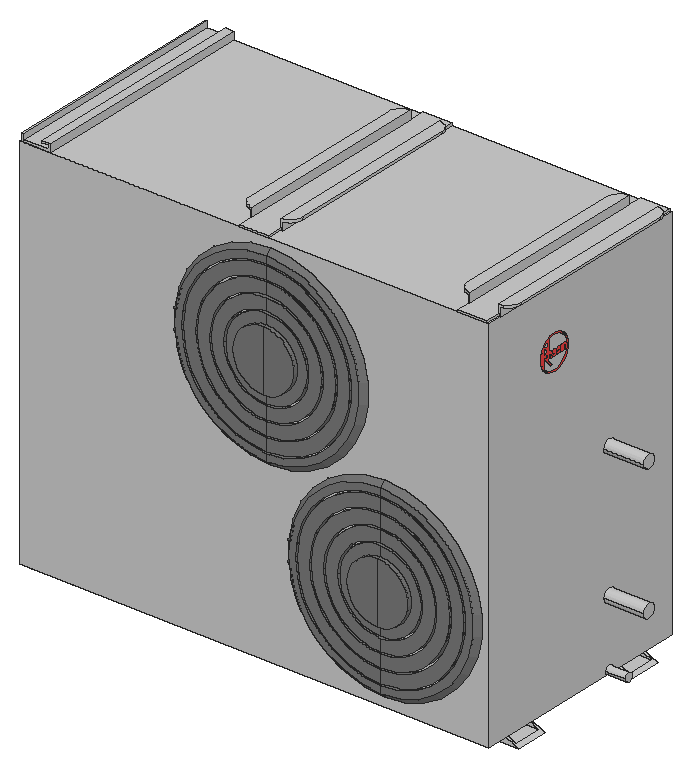
Revit family "Heat-Pump-Rheem-A2W-18kW-Horizontal", category Mechanical Equipment, Revit 2023
Family settings
  Round Connector Dimension = Use Radius
  Part Type = Normal
  OmniClass Number = 23.75.10.21
  OmniClass Title = Heat Pumps
  Work Plane-Based = No
  Always vertical = Yes
  Cut with Voids When Loaded = No
  Maintain Annotation Orientation = No
  Shared = No
  Room Calculation Point = No
Parameters (values of type "953018HS")
  calcTopSupport = if(Show Top Supports, 26 mm, 0 mm)  # 26 mm
  calcRightFanOffset = if(Show Fan Frame, 256 mm, 255 mm)  # 255 mm
  calcLeftFanOffset = if(Show Fan Frame, 280 mm, 281 mm)  # 281 mm
  calcFanGuardDepth = if(Show Fan Frame, 116 mm, 23 mm)  # 23 mm
  Width_ANZRS = if(Show Fan Frame, 681 mm, 588 mm)  # 588 mm
  Wattage_ANZRS = 18 kW  # constant formula
  Voltage_ANZRS = 230 V
  URL = "https://www.rheem.com.au/products/commercial/commercial-heat-pumps"
  Type Comments = ""
  SupportInsetSide = 68 mm  # constant formula
  Show Top Supports = yes
  Show Fan Frame = no
  ProductCode_ANZRS = "953018HS"
  PowerFactor_ANZRS = 1
  PipeInsetSide = 195 mm  # constant formula
  OutletPipeDiameter = 32 mm  # constant formula
  calcOutletPipeRad = if(1 = 1, OutletPipeDiameter / 2, 0 mm)  # 16 mm
  Model = "Rheem Commercial Air to Water Heat Pump – 18kW Non Ducted & Stacked"
  Material_ANZRS = Rheem-Steel-Grey
  Manufacturer = "Rheem"  # constant formula
  Length_ANZRS = 1155 mm  # constant formula
  InletPipeDiameter = 32 mm  # constant formula
  calcInletPipeRadius = if(1 = 1, InletPipeDiameter / 2, 0 mm)  # 16 mm
  Height_ANZRS = if(Show Top Supports, 1010 mm, 984 mm)  # 1010 mm
  Description = "Rheem's Commercial Air to Water (A2W) Heat Pump is designed with the commercial user in mind. A truly commercial grade heat pump that delivers hot water at 65°C with a system Coefficient of Performance (COP) up to 4.0. Non ducted models are generally designed for outdoor installations. Non ducted models may be installed indoors, without ducting, if a sufficient supply of heat energy is available. Stackable models allow horizontal discharge units to be stacked two high for reduced footprint."
  Default Elevation = 0 mm
  CreatedBy_ANZRS = "Design Content"  # constant formula
  CreatedByURL_ANZRS = "https://www.designcontent.com.au/"
  BodyWidth = 565 mm  # constant formula
  Assembly Code = ""
  ApparentLoad_ANZRS = Wattage_ANZRS  # 18 kW
Types (4, lengths in mm): name | calcTopSupport | calcRightFanOffset | calcLeftFanOffset | calcFanGuardDepth | Width_ANZRS | Show Top Supports | Show Fan Frame | ProductCode_ANZRS | Model | Height_ANZRS | Description
  953018H0 | 0 | 255 | 281 | 23 | 588 | no | no | "953018H0" | "Rheem Commercial Air to Water Heat Pump – 18kW Horizontal Discharge & Non Ducted" | 984 | "Rheem's Commercial Air to Water (A2W) Heat Pump is designed with the commercial user in mind. A truly commercial grade heat pump that delivers hot water at 65°C with a system Coefficient of Performance (COP) up to 4.0. Non ducted models are generally designed for outdoor installations. Non ducted models may be installed indoors, without ducting, if a sufficient supply of heat energy is available."
  953018HS | 26 | 255 | 281 | 23 | 588 | yes | no | "953018HS" | "Rheem Commercial Air to Water Heat Pump – 18kW Non Ducted & Stacked" | 1010 | "Rheem's Commercial Air to Water (A2W) Heat Pump is designed with the commercial user in mind. A truly commercial grade heat pump that delivers hot water at 65°C with a system Coefficient of Performance (COP) up to 4.0. Non ducted models are generally designed for outdoor installations. Non ducted models may be installed indoors, without ducting, if a sufficient supply of heat energy is available. Stackable models allow horizontal discharge units to be stacked two high for reduced footprint."
  952018H0 | 0 | 256 | 280 | 116 | 681 | no | yes | "952018H0" | "Rheem Commercial Air to Water Heat Pump – 18kW Horizontal Discharge & Ducted" | 984 | "Rheem's Commercial Air to Water (A2W) Heat Pump is designed with the commercial user in mind. A truly commercial grade heat pump that delivers hot water at 65°C with a system Coefficient of Performance (COP) up to 4.0. Ducted models are designed to be connected to ducting to convey cold discharge air away from the heat pump air inlet if a sufficient supply of heat energy is not available in the installation area."
  952018HS | 26 | 256 | 280 | 116 | 681 | yes | yes | "952018HS" | "Rheem Commercial Air to Water Heat Pump – 18kW Ducted & Stacked" | 1010 | "Rheem's Commercial Air to Water (A2W) Heat Pump is designed with the commercial user in mind. A truly commercial grade heat pump that delivers hot water at 65°C with a system Coefficient of Performance (COP) up to 4.0. Ducted models are designed to be connected to ducting to convey cold discharge air away from the heat pump air inlet if a sufficient supply of heat energy is not available in the installation area. Stackable models allow horizontal discharge units to be stacked two high for reduced footprint."
Reference planes
  plane 1 "Center (Front/Back)": y = 0
  plane 2: z = 0
  plane 3 "Center (Left/Right)": x = 0
  plane 4 "Back": y = 282.5
  plane 5 "Front": y = -282.5
  plane 6 "Left": x = -577.5
  plane 7 "Right": x = 577.5
  plane 8: z = 49
  plane 9 "HEIGHT": z = 984
  plane 10 "Inlet": z = 223.5
  plane 11 "Outlet": z = 553.5
  plane 12: y = 280.5
  plane 13: x = 524.5
  plane 14: x = -472.5
  plane 15: y = -352.5
  plane 16: x = 677.5
  plane 17 "Pipe Connectors": y = 87.5
  plane 18: x = -228.5
  plane 19: y = -214.5
  plane 20: y = 214.5
  plane 21 "CompAccess1": y = 143.5
  plane 22 "CompAccess2": y = -228.5
  plane 23: x = 322.5
  plane 24: x = 41.5
  plane 25: z = 24.5
  plane 26: x = 627.5
  plane 27: z = 1010
  plane 28: x = 598.5
Forms (mm)
  Extrusion 1, solid, material "Rheem-Steel-Grey" <- "Material_ANZRS", detail levels medium+fine
    sketch origin (0, 0, 0) x (1, 0, 0) y (0, 1, 0)
      loop
        line (-577.5, 280.5) -> (-577.5, -282.5) -> (577.5, -282.5) -> (577.5, 280.5) -> (-577.5, 280.5)
    from 49 to 984
  Extrusion 2, solid, material "Rheem-Steel-Grey" <- "Material_ANZRS", detail levels medium+fine
    sketch origin (0, 0, 0) x (1, 0, 0) y (0, 0, 1)
      loop
        line (-577.5, 984) -> (-577.5, 49) -> (-14.281, 49) -> (577.5, 49) -> (577.5, 984) -> (-577.5, 984)
      loop
        line (-472.5, 69) -> (6, 69) -> (6, 964) -> (-472.5, 964) -> (-472.5, 69)
      loop
        line (524.5, 964) -> (46, 964) -> (46, 69) -> (524.5, 69) -> (524.5, 964)
    from -282.5 to -280.5
  Extrusion 3, solid, material "Rheem-Steel-Grey" <- "Material_ANZRS"
    sketch origin (0, 111.908, 381.979) x (0, -1, 0) y (0, 0, 1)
      loop
        circle (24.408, -158.479) r 16
      loop
        circle (24.408, 171.521) r 16
    from -577.5 to -677.5
  Extrusion 4, solid, material "Rheem-Steel-Grey" <- "Material_ANZRS", visible <- "Show Fan Frame"
    sketch origin (0, -282.5, 0) x (-1, 0, 0) y (0, 0, -1)
      loop
        line (228.5, -984) -> (228.5, -49) -> (-577.5, -49) -> (-577.5, -984) -> (228.5, -984)
      loop
        line (223.5, -979) -> (223.5, -54) -> (-572.5, -54) -> (-572.5, -979) -> (223.5, -979)
    from 0 to 70
  Extrusion 5, solid, material "Rheem-Steel-Grey" <- "Material_ANZRS", detail levels medium+fine
    sketch origin (0, 0, 0) x (1, 0, 0) y (0, 0, 1)
      loop
        line (-577.5, 5) -> (-602.5, 5) -> (-602.5, 0) -> (-572.5, 0) -> (-572.5, 19.5) -> (-502.5, 19.5) -> (-502.5, 0) -> (-472.5, 0) -> (-472.5, 5) -> (-497.5, 5) -> (-497.5, 24.5) -> (-577.5, 24.5) -> (-577.5, 5)
    from -214.5 to 214.5
  Extrusion 6, solid, material "Rheem-Steel-Grey-Perforated", detail levels medium+fine
    sketch origin (-575, 357.5, 0) x (1, 0, 0) y (0, 0, -1)
      loop
        line (1099.5, -964) -> (1099.5, -69) -> (621, -69) -> (621, -964) -> (1099.5, -964)
      loop
        line (102.5, -69) -> (102.5, -964) -> (581, -964) -> (581, -69) -> (102.5, -69)
    from -77 to -75
  Extrusion 7, solid, material "Rheem-Steel-Grey" <- "Material_ANZRS"
    sketch origin (577.5, 0, 0) x (0, -1, 0) y (0, 0, -1)
      loop
        circle (-87.5, -59) r 10
    from 0 to 50
  Extrusion 8, solid, detail levels medium+fine
    sketch origin (-577.5, 0, 0) x (0, -1, 0) y (0, 0, 1)
      loop
        circle (255.5, 703.5) r 15
      loop
        circle (255.5, 653.5) r 15
      loop
        circle (255.5, 603.5) r 15
      loop
        circle (255.5, 553.5) r 15
    from 0 to 5
  Extrusion 9, solid, material "Rheem-Steel-Grey" <- "Material_ANZRS", visible <- "Show Top Supports", detail levels medium+fine
    sketch origin (575, 0, 960) x (0, 0, -1) y (1, 0, 0)
      loop
        line (-44.975, 2.5) -> (-44.975, 27.5) -> (-49.975, 27.5) -> (-49.975, -2.5) -> (-29, -2.5) -> (-29, -72.5) -> (-49.975, -72.5) -> (-49.975, -102.5) -> (-44.975, -102.5) -> (-44.975, -77.5) -> (-24, -77.5) -> (-24, 2.5) -> (-44.975, 2.5)
      loop
        line (-50, -540) -> (-29, -540) -> (-29, -610) -> (-50, -610) -> (-50, -640) -> (-45, -640) -> (-45, -615) -> (-24, -615) -> (-24, -535) -> (-45, -535) -> (-45, -510) -> (-50, -510) -> (-50, -540)
      loop
        line (-24, -1077.5) -> (-43, -1077.5) -> (-43, -1097.5) -> (-38, -1097.5) -> (-38, -1082.5) -> (-29, -1082.5) -> (-29, -1142.5) -> (-43, -1142.5) -> (-43, -1147.5) -> (-24, -1147.5) -> (-24, -1077.5)
    from -282.5 to 282.5
  Extrusion 10, void
    sketch origin (0, 0, 984) x (-1, 0, 0) y (0, -1, 0)
      loop
        line (65, -282.5) -> (65, -214.5)
        arc (65, -214.5) -> (56.213, -235.713) -> (35, -244.5) r 30
        line (35, -244.5) -> (35, -282.5) -> (65, -282.5)
      loop
        line (-65, -282.5) -> (-35, -282.5) -> (-35, -244.5)
        arc (-35, -244.5) -> (-56.213, -235.713) -> (-65, -214.5) r 30
        line (-65, -214.5) -> (-65, -282.5)
      loop
        line (-472.5, -282.5) -> (-472.5, -214.5)
        arc (-472.5, -214.5) -> (-481.287, -235.713) -> (-502.5, -244.5) r 30
        line (-502.5, -244.5) -> (-502.5, -282.5) -> (-472.5, -282.5)
      loop
        line (-602.5, -282.5) -> (-572.5, -282.5) -> (-572.5, -244.5)
        arc (-572.5, -244.5) -> (-593.713, -235.713) -> (-602.5, -214.5) r 30
        line (-602.5, -214.5) -> (-602.5, -282.5)
      loop
        line (65, 282.5) -> (35, 282.5) -> (35, 244.5)
        arc (35, 244.5) -> (56.213, 235.713) -> (65, 214.5) r 30
        line (65, 214.5) -> (65, 282.5)
      loop
        line (-65, 282.5) -> (-65, 214.5)
        arc (-65, 214.5) -> (-56.213, 235.713) -> (-35, 244.5) r 30
        line (-35, 244.5) -> (-35, 282.5) -> (-65, 282.5)
      loop
        line (-472.5, 282.5) -> (-502.5, 282.5) -> (-502.5, 244.5)
        arc (-502.5, 244.5) -> (-481.287, 235.713) -> (-472.5, 214.5) r 30
        line (-472.5, 214.5) -> (-472.5, 282.5)
      loop
        line (-602.5, 282.5) -> (-602.5, 214.5)
        arc (-602.5, 214.5) -> (-593.713, 235.713) -> (-572.5, 244.5) r 30
        line (-572.5, 244.5) -> (-572.5, 282.5) -> (-602.5, 282.5)
    from 0 to 28.475
  Extrusion 11, solid, material "Rheem-Steel-Grey" <- "Material_ANZRS", detail levels coarse
    sketch origin (0, 0, 984) x (-1, 0, 0) y (0, -1, 0)
      loop
        line (577.5, -282.5) -> (577.5, 282.5) -> (-577.5, 282.5) -> (-577.5, -282.5) -> (577.5, -282.5)
    from -984 to 26
  Extrusion 12, solid, material "Rheem-Steel-Grey" <- "Material_ANZRS", detail levels medium+fine
    sketch origin (0, 0, 0) x (0, 1, 0) y (0, 0, 1)
      loop
        line (239.5, 49) -> (209.5, 49) -> (209.5, 29.5) -> (139.481, 29.5) -> (139.481, 49) -> (109.395, 49) -> (109.395, 44) -> (134.395, 44) -> (134.395, 24.5) -> (214.5, 24.5) -> (214.5, 44) -> (239.5, 44) -> (239.5, 49)
      loop
        line (-109.395, 49) -> (-139.395, 49) -> (-139.395, 29.5) -> (-209.414, 29.5) -> (-209.414, 49) -> (-239.5, 49) -> (-239.5, 44) -> (-214.5, 44) -> (-214.5, 24.5) -> (-134.395, 24.5) -> (-134.395, 44) -> (-109.395, 44) -> (-109.395, 49)
    from -577.5 to 598.5
  Extrusion 13, void
    sketch origin (0, 0, 0) x (1, 0, 0) y (0, 0, 1)
      loop
        line (-577.5, 24.5) -> (-524.96, 49) -> (-577.5, 49) -> (-577.5, 24.5)
      loop
        line (598.5, 24.5) -> (598.5, 49) -> (545.96, 49) -> (598.5, 24.5)
    from -239.5 to 239.5
Cuts and joins
  Extrusion 10, Extrusion 13 cuts Extrusion 1
  Extrusion 10, Extrusion 13 cuts Extrusion 2
  joined: Extrusion 1, Extrusion 2
  Extrusion 10 cuts Extrusion 9
  Extrusion 13 cuts Extrusion 12
Lines and regions (mm)
  Split face 1
    outline origin (-577.5, 280.5, 984) x (0, 1, 0) y (0, 0, -1)
      loop
        line (-137, 1) -> (-137, 934) -> (-509, 934) -> (-509, 1) -> (-137, 1)
  Split face 2
    outline origin (577.5, 280.5, 49) x (0, 1, 0) y (0, 0, 1)
      loop
        line (-497, 934) -> (-497, 1) -> (-225, 1) -> (-225, 934) -> (-497, 934)
  model lines, style "Heat Pumps", detail levels medium+fine
    curve 1: line (377.5, 182.5, 984) -> (-377.5, 182.5, 984)
    curve 2: line (477.5, -82.5, 984) -> (477.5, 82.5, 984)
    curve 3: line (-377.5, -182.5, 984) -> (377.5, -182.5, 984)
    curve 4: line (-477.5, 82.5, 984) -> (-477.5, -82.5, 984)
    curve 5: arc (-377.5, 182.5, 984) -> (-448.211, 153.211, 984) -> (-477.5, 82.5, 984) r 100
    curve 6: arc (-477.5, -82.5, 984) -> (-448.211, -153.211, 984) -> (-377.5, -182.5, 984) r 100
    curve 7: arc (477.5, -82.5, 984) -> (448.211, -153.211, 984) -> (377.5, -182.5, 984) r 100
    curve 8: arc (477.5, 82.5, 984) -> (448.211, 153.211, 984) -> (377.5, 182.5, 984) r 100
Dimensions and locks
  equal spacing: plane 6 "Left", plane 3 "Center (Left/Right)", plane 7 "Right"
  equal spacing: plane 4 "Back", plane 1 "Center (Front/Back)", plane 5 "Front"
  "BodyWidth": plane 4 "Back" to plane 5 "Front"
  "Length_ANZRS": plane 6 "Left" to plane 7 "Right"
  locked: plane 10 "Inlet" to plane 25 at 199
  locked: plane 11 "Outlet" to plane 10 "Inlet" at 330
  locked: plane 4 "Back" to plane 12 at 2
  locked: plane 8 to Extrusion 2 sketch curve at 20
  locked: Extrusion 2 sketch curve to plane 9 "HEIGHT" at 20
  locked: plane 16 to plane 7 "Right" at 100
  locked: plane 18 to plane 7 "Right" at 806
  locked: plane 15 to plane 5 "Front" at 70
  locked: plane 9 "HEIGHT" to Extrusion 4 sketch curve at 5
  locked: plane 7 "Right" to Extrusion 4 sketch curve at 5
  locked: Extrusion 4 sketch curve to plane 18 at 5
  locked: Extrusion 4 sketch curve to plane 8 at 5
  "PipeInsetSide": plane 17 "Pipe Connectors" to plane 4 "Back"
  Extrusion 5 sketch curve to plane 6 "Left" to Extrusion 5 sketch curve to Extrusion 5 sketch curve to Extrusion 5 sketch curve to Extrusion 5 sketch curve = 25 mm locked, 5 mm locked, 70 mm locked, 5 mm locked, 25 mm locked
  Extrusion 5 sketch curve to Extrusion 5 sketch curve to plane 2 = 0 mm locked, 5 mm locked
  "SupportInsetSide": plane 5 "Front" to plane 19
  "SupportInsetSide": plane 20 to plane 4 "Back"
  locked: plane 9 "HEIGHT" to Split face 1 sketch curve at 1
  locked: Split face 1 sketch curve to plane 8 at 1
  equal spacing: plane 21 "CompAccess1", nested 1, plane 22 "CompAccess2"
  plane 21 "CompAccess1" to plane 22 "CompAccess2" to plane 5 "Front" = 372 mm locked, 54 mm locked
  locked: plane 13 to plane 7 "Right" at 53
  locked: plane 6 "Left" to plane 14 at 105
  locked: plane 9 "HEIGHT" to plane 8 at 935
  nested 2 to nested 3 to plane 8 = 414 mm locked, 262 mm locked
  "calcLeftFanOffset": plane 24 to plane 23
  "calcRightFanOffset": plane 7 "Right" to plane 23
  equal spacing: plane 8, plane 25, plane 2
  locked: plane 25 to Extrusion 5 sketch curve at 5
  locked: plane 5 "Front" to Split face 2 sketch curve at 66
  locked: Split face 2 sketch curve to plane 4 "Back" at 227
  locked: plane 9 "HEIGHT" to Split face 2 sketch curve at 1
  locked: Split face 2 sketch curve to plane 8 at 1
  locked: Extrusion 7 sketch curve to plane 8 at 10
  equal spacing: plane 16, plane 26, plane 7 "Right"
  equal spacing: plane 22 "CompAccess2", Extrusion 8 sketch curve, plane 5 "Front"
  locked: plane 9 "HEIGHT" to nested 1 at 150
  locked: plane 8 to Extrusion 12 sketch curve at 5  (x2)
  locked: Extrusion 12 sketch curve to plane 25 at 5  (x2)
  Extrusion 12 sketch curve to plane 20 to Extrusion 12 sketch curve to Extrusion 12 sketch curve to Extrusion 12 sketch curve to Extrusion 12 sketch curve = 25 mm locked, 5 mm locked, 70.019 mm locked, 5.086 mm locked, 25 mm locked
  Extrusion 12 sketch curve to Extrusion 12 sketch curve to Extrusion 12 sketch curve to Extrusion 12 sketch curve to Extrusion 12 sketch curve to Extrusion 12 sketch curve = 25 mm locked, 5 mm locked, 70.019 mm locked, 5.086 mm locked, 25 mm locked
  locked: plane 6 "Left" to plane 28 at 1176
  "calcTopSupport": plane 27 to plane 9 "HEIGHT"
  Extrusion 9 sketch curve to Extrusion 9 sketch curve to plane 9 "HEIGHT" = 14 mm locked, 5 mm locked
  locked: Extrusion 9 sketch curve to plane 9 "HEIGHT" at 26
  locked: Extrusion 9 sketch curve to Extrusion 9 sketch curve at 5
  locked: Extrusion 9 sketch curve to plane 9 "HEIGHT" at 25.975
  locked: Extrusion 9 sketch curve to plane 9 "HEIGHT" at 20.975
  plane 9 "HEIGHT" to nested 4 = 150 mm
  equal spacing: Split face 2, nested 4, Split face 2, locked at 136 each
  "calcOutletPipeRad": radius of Extrusion 3 sketch curve
  "calcInletPipeRadius": radius of Extrusion 3 sketch curve
  aligned and locked: level to plane 2
  aligned and locked: Extrusion 1 sketch curve to plane 6 "Left"
  aligned and locked: Extrusion 1 sketch curve to plane 7 "Right"
  aligned and locked: plane 9 "HEIGHT" to Extrusion 1
  aligned and locked: Extrusion 1 to plane 8
  aligned and locked: plane 5 "Front" to Extrusion 1
  aligned and locked: Extrusion 1 sketch curve to plane 12
  aligned and locked: cut or joined group of Extrusion 1, Extrusion 2, Extrusion 10, Extrusion 13 to plane 12
  aligned and locked: plane 4 "Back" to cut or joined group of Extrusion 1, Extrusion 2, Extrusion 10, Extrusion 13
  aligned and locked: Extrusion 2 sketch curve to plane 13
  aligned and locked: plane 14 to Extrusion 2 sketch curve
  aligned and locked: plane 18 to Extrusion 4 sketch curve
  aligned and locked: Extrusion 4 sketch curve to plane 9 "HEIGHT"
  aligned and locked: Extrusion 4 sketch curve to plane 7 "Right"
  aligned and locked: plane 8 to Extrusion 4 sketch curve
  aligned and locked: Extrusion 3 to plane 7 "Right"
  aligned and locked: Extrusion 4 to plane 15
  aligned and locked: Extrusion 4 to plane 5 "Front"
  aligned and locked: Extrusion 5 sketch curve to plane 6 "Left"
  aligned and locked: plane 2 to Extrusion 5 sketch curve  (x2)
  aligned and locked: Extrusion 5 to plane 19
  aligned and locked: plane 20 to Extrusion 5
  aligned and locked: Split face 1 sketch curve to plane 22 "CompAccess2"
  aligned and locked: Split face 1 sketch curve to plane 21 "CompAccess1"
  aligned and locked: plane 11 "Outlet" to Extrusion 3 sketch curve
  aligned and locked: plane 17 "Pipe Connectors" to Extrusion 3 sketch curve  (x2)
  aligned and locked: plane 10 "Inlet" to Extrusion 3 sketch curve
  aligned and locked: Extrusion 6 to plane 13
  aligned and locked: plane 14 to Extrusion 6
  aligned and locked: Extrusion 6 to plane 12
  aligned and locked: plane 4 "Back" to Extrusion 6
  aligned and locked: cut or joined group of Extrusion 1, Extrusion 2, Extrusion 10, Extrusion 13 to Extrusion 6
  aligned and locked: Extrusion 6 to cut or joined group of Extrusion 1, Extrusion 2, Extrusion 10, Extrusion 13
  aligned and locked: plane 24 to nested 2
  aligned and locked: nested 3 to plane 23
  aligned and locked: Extrusion 2 sketch curve to Extrusion 6  (x2)
  aligned and locked: Extrusion 5 sketch curve to plane 25
  aligned and locked: plane 17 "Pipe Connectors" to Extrusion 7 sketch curve
  aligned and locked: Extrusion 7 to cut or joined group of Extrusion 1, Extrusion 2, Extrusion 10, Extrusion 13
  aligned and locked: plane 26 to Extrusion 7
  aligned and locked: Extrusion 8 to cut or joined group of Extrusion 1, Extrusion 2, Extrusion 10, Extrusion 13
  aligned and locked: plane 5 "Front" to Extrusion 9
  aligned and locked: plane 4 "Back" to Extrusion 9
  aligned and locked: Extrusion 10 sketch curve to Extrusion 9
  aligned and locked: Extrusion 10 sketch curve to plane 4 "Back"
  aligned and locked: Extrusion 10 to plane 9 "HEIGHT"
  aligned and locked: Extrusion 11 sketch curve to plane 4 "Back"
  aligned and locked: Extrusion 11 sketch curve to plane 5 "Front"
  aligned and locked: Extrusion 11 sketch curve to plane 7 "Right"
  aligned and locked: Extrusion 11 sketch curve to plane 6 "Left"
  aligned and locked: Extrusion 11 to plane 2
  aligned and locked: plane 27 to Extrusion 11
  aligned and locked: Extrusion 12 sketch curve to plane 25  (x2)
  aligned and locked: plane 6 "Left" to Extrusion 12
  aligned and locked: plane 28 to Extrusion 12
  aligned and locked: plane 6 "Left" to Extrusion 13 sketch curve
  aligned and locked: plane 8 to Extrusion 13 sketch curve
  aligned and locked: Extrusion 13 to cut or joined group of Extrusion 12, Extrusion 13  (x2)
  aligned and locked: Extrusion 9 sketch curve to Extrusion 9 sketch curve  (x5)
Automatic sketch dimensions
  plane 5 "Front" to Extrusion 1 sketch curve = 0 mm
  plane 6 "Left" to Extrusion 2 sketch curve = 0 mm
  Extrusion 2 sketch curve to plane 8 = 0 mm
  Extrusion 2 sketch curve to plane 7 "Right" = 0 mm
  Extrusion 2 sketch curve to plane 9 "HEIGHT" = 0 mm
  Extrusion 2 sketch curve to plane 3 "Center (Left/Right)" = 14.281 mm
  plane 8 to Extrusion 2 sketch curve = 20 mm
  Extrusion 2 sketch curve to plane 9 "HEIGHT" = 20 mm
  curve 4 to Extrusion 2 = 100 mm
  curve 6 to curve 3 = 100 mm
  curve 5 to curve 1 = 100 mm
  curve 3 to Extrusion 2 = 200 mm
  curve 1 to Extrusion 2 = 98 mm
  curve 1 to Extrusion 2 = 200 mm
  curve 2 to Extrusion 2 = 100 mm
  curve 7 to curve 8 = 165 mm
  plane 14 to Extrusion 6 sketch curve = 0 mm
  plane 13 to Extrusion 6 sketch curve = 0 mm
  plane 3 "Center (Left/Right)" to Extrusion 6 sketch curve = 6 mm
  Extrusion 6 sketch curve to plane 24 = 4.5 mm
  Extrusion 6 sketch curve to plane 9 "HEIGHT" = 20 mm  (x2)
  plane 8 to Extrusion 6 sketch curve = 20 mm  (x2)
  Extrusion 8 sketch curve to plane 11 "Outlet" = 0 mm
  Extrusion 8 sketch curve to plane 5 "Front" = 27 mm  (x3)
  plane 11 "Outlet" to Extrusion 8 sketch curve = 50 mm
  Extrusion 8 sketch curve to Extrusion 8 sketch curve = 50 mm  (x2)
  Extrusion 9 sketch curve to plane 7 "Right" = 0 mm
  Extrusion 9 sketch curve to plane 9 "HEIGHT" = 0 mm  (x3)
  Extrusion 9 sketch curve to Extrusion 9 sketch curve = 5 mm  (x4)
  plane 9 "HEIGHT" to Extrusion 9 sketch curve = 5 mm  (x2)
  Extrusion 9 sketch curve to plane 7 "Right" = 5 mm
  plane 13 to Extrusion 9 sketch curve = 22 mm
  Extrusion 9 sketch curve to Extrusion 9 sketch curve = 25 mm  (x2)
  Extrusion 9 sketch curve to plane 24 = 23.5 mm
  plane 24 to Extrusion 9 sketch curve = 1.5 mm
  plane 24 to Extrusion 9 sketch curve = 6.5 mm
  Extrusion 9 sketch curve to plane 3 "Center (Left/Right)" = 35 mm
  plane 14 to Extrusion 9 sketch curve = 30 mm
  Extrusion 9 sketch curve to Extrusion 9 sketch curve = 15 mm
  Extrusion 9 sketch curve to plane 6 "Left" = 10 mm
  Extrusion 9 sketch curve to plane 6 "Left" = 5 mm
  plane 28 to Extrusion 9 sketch curve = 4 mm
  Extrusion 10 sketch curve to plane 19 = 0 mm  (x8)
  Extrusion 10 sketch curve to plane 20 = 0 mm  (x8)
  Extrusion 10 sketch curve to plane 4 "Back" = 0 mm  (x3)
  plane 5 "Front" to Extrusion 10 sketch curve = 0 mm  (x4)
  plane 24 to Extrusion 10 sketch curve = 6.5 mm  (x2)
  Extrusion 10 sketch curve to plane 24 = 23.5 mm  (x2)
  plane 13 to Extrusion 10 sketch curve = 52 mm  (x2)
  plane 13 to Extrusion 10 sketch curve = 22 mm  (x2)
  Extrusion 10 sketch curve to plane 7 "Right" = 5 mm  (x2)
  plane 28 to Extrusion 10 sketch curve = 4 mm  (x2)
  plane 22 "CompAccess2" to Extrusion 10 sketch curve = 16 mm  (x4)
  Extrusion 10 sketch curve to plane 3 "Center (Left/Right)" = 35 mm
  Extrusion 10 sketch curve to Extrusion 10 sketch curve = 30 mm  (x6)
  Extrusion 12 sketch curve to plane 8 = 0 mm  (x4)
  Extrusion 12 sketch curve to plane 19 = 0 mm
  Extrusion 12 sketch curve to plane 20 = 0 mm
  Extrusion 12 sketch curve to plane 8 = 5 mm  (x2)
  Extrusion 13 sketch curve to plane 8 = 0 mm
  Extrusion 13 sketch curve to plane 25 = 0 mm  (x2)
  Extrusion 13 sketch curve to plane 28 = 0 mm
  plane 14 to Extrusion 13 sketch curve = 52.46 mm
  Extrusion 13 sketch curve to plane 13 = 21.46 mm
  radius of Extrusion 7 sketch curve = 10 mm
  radius of Extrusion 8 sketch curve = 15 mm  (x4)
Nested families
  nested 1: "X_Rheem Logo" at (-577.5, -42.5, 834) x (0, -1, 0) z (-1, 0, 0), type "Standard", detail levels fine
  nested 2: "X_Rheem_FanGuard" at (41.5, -282.5, 725) x (-1, 0, 0) z (0, -1, 0), type "Standard"
    with FanGuardDepth 23 mm
  nested 3: "X_Rheem_FanGuard" at (322.5, -282.5, 311) x (-1, 0, 0) z (0, -1, 0), type "Standard"
    with FanGuardDepth 23 mm
  nested 4: "X_Rheem Logo" at (577.5, -80.5, 834) x (0, 1, 0) z (1, 0, 0), type "Standard", detail levels fine
Connectors
  piping at (677.5, 87.5, 223.5), diameter 32, driven by "calcInletPipeRadius"
    settings: on Extrusion 3, index 9, connector inside diameter 20 mm, connector length 0 mm, flow factor 0, pipe flow 0.0 L/s, pressure drop 0.0 Pa, fitting loss kfactor 0, connector angle 0.00°, fixture units 0, engagement length 0 mm, angle of deflection 0.00°, flow configuration 1, flow direction 1, fitting loss method 0, system type 20, joint type 0, gender type 0, connector reference index -1, connector utility 0, adjustable connector no, is connector primary yes, connector description "Water In"
  piping at (677.5, 87.5, 553.5), diameter 32, driven by "calcOutletPipeRad"
    settings: on Extrusion 3, index 10, connector inside diameter 20 mm, connector length 0 mm, flow factor 0, pipe flow 0.0 L/s, pressure drop 0.0 Pa, fitting loss kfactor 0, connector angle 0.00°, fixture units 0, engagement length 0 mm, angle of deflection 0.00°, flow configuration 1, flow direction 2, fitting loss method 0, system type 19, joint type 0, gender type 0, connector reference index -1, connector utility 0, adjustable connector no, is connector primary no, connector description "Water Out"
  piping at (627.5, 87.5, 59), diameter 20
    settings: on Extrusion 7, index 11, connector inside diameter 609.6 mm, connector length 0 mm, flow factor 0, pipe flow 0.0 L/s, pressure drop 0.0 Pa, fitting loss kfactor 0, connector angle 0.00°, fixture units 0, engagement length 0 mm, angle of deflection 0.00°, flow configuration 1, flow direction 2, fitting loss method 0, system type 16, joint type 0, gender type 0, connector reference index -1, connector utility 0, adjustable connector no, is connector primary no, connector description ""
  electrical at (-577.5, -255.5, 703.5), driven by "Voltage_ANZRS", driven by "ApparentLoad_ANZRS", driven by "PowerFactor_ANZRS"
    settings: on Extrusion 8, index 12, voltage 230 V, apparent load 18 kW, apparent load phase1 0 kW, apparent load phase2 0 kW, apparent load phase3 0 kW, power factor 1, load classification "Power", number of poles 1, system type 30, power factor state 1, is connector primary yes, connector utility no, sub classification motor no, connector description ""
  electrical at (-577.5, -255.5, 653.5), driven by "Voltage_ANZRS", driven by "ApparentLoad_ANZRS", driven by "PowerFactor_ANZRS"
    settings: on Extrusion 8, index 13, voltage 230 V, apparent load 18 kW, apparent load phase1 0 kW, apparent load phase2 0 kW, apparent load phase3 0 kW, power factor 1, load classification "Power", number of poles 1, system type 30, power factor state 1, is connector primary no, connector utility no, sub classification motor no, connector description ""
  electrical at (-577.5, -255.5, 603.5), driven by "Voltage_ANZRS", driven by "ApparentLoad_ANZRS", driven by "PowerFactor_ANZRS"
    settings: on Extrusion 8, index 14, voltage 230 V, apparent load 18 kW, apparent load phase1 0 kW, apparent load phase2 0 kW, apparent load phase3 0 kW, power factor 1, load classification "Power", number of poles 1, system type 30, power factor state 1, is connector primary no, connector utility no, sub classification motor no, connector description ""
  electrical at (-577.5, -255.5, 553.5), driven by "Voltage_ANZRS", driven by "ApparentLoad_ANZRS", driven by "PowerFactor_ANZRS"
    settings: on Extrusion 8, index 15, voltage 230 V, apparent load 18 kW, apparent load phase1 0 kW, apparent load phase2 0 kW, apparent load phase3 0 kW, power factor 1, load classification "Power", number of poles 1, system type 30, power factor state 1, is connector primary no, connector utility no, sub classification motor no, connector description ""
Definition of nested family "X_Rheem Logo"
  Parameters (values of type "Standard")
    Default Elevation = 1219.2 mm
    Assembly Code = ""
  Reference planes
    plane 1 "Center (Front/Back)": y = 0
    plane 2: z = 0
    plane 3 "Center (Left/Right)": x = 0
  Forms (mm)
    Extrusion 1, solid
      sketch origin (0, 0, 0) x (1, 0, 0) y (0, 1, 0)
        loop
          line (-1219.2, 1219.2) -> (-1219.2, -1219.2) -> (1219.2, -1219.2) -> (1219.2, 1219.2) -> (-1219.2, 1219.2)
      from 0 to -304.8
    Extrusion 2, solid
      sketch origin (0, 0, 0) x (1, 0, 0) y (0, 1, 0)
        loop
          arc (-33.529, -21.813) -> (38.36, -11.338) -> (-16.283, 36.536) r 40
          line (-16.283, 36.536) -> (-16.283, 5.397)
          arc (-16.283, 5.397) -> (-14.75, 6.901) -> (-12.662, 7.405) r 4.033
          arc (-12.662, 7.405) -> (-9.852, 6.403) -> (-8.561, 3.712) r 3.918
          line (-8.561, 3.712) -> (-8.561, -8.033) -> (-11.525, -8.033) -> (-11.525, 1.806)
          arc (-11.525, 1.806) -> (-12.858, 4.057) -> (-15.428, 3.572) r 2.279
          arc (-15.428, 3.572) -> (-15.988, 2.759) -> (-16.246, 1.806) r 2.925
          line (-16.246, 1.806) -> (-16.246, -8.079) -> (-19.645, -8.079) -> (-19.645, 34.843)
          arc (-19.645, 34.843) -> (-26.644, 29.834) -> (-32.41, 23.444) r 40
          arc (-32.41, 23.444) -> (-21.103, 13.87) -> (-28.782, 1.2) r 11.411
          line (-28.782, 1.2) -> (-7.321, -24.919) -> (-11.462, -24.919) -> (-31.83, -0.131) -> (-31.83, -21.813) -> (-33.529, -21.813)
        loop
          line (-35.017, -19.335) -> (-35.017, 19.335)
          arc (-35.017, 19.335) -> (-40, 0) -> (-35.017, -19.335) r 40
        loop
          line (19.37, -8.097) -> (22.563, -8.097) -> (22.563, 2.258)
          spline (22.563, 2.258) -> (22.878, 3.103) -> (23.24, 3.526) -> (23.639, 3.818) -> (24.082, 3.997) -> (24.556, 4.074) -> (25.034, 4.068) -> (25.491, 3.983) -> (25.903, 3.817) -> (26.238, 3.56) -> (26.492, 3.191) -> (26.717, 2.639) -> (26.9, 1.6)
          line (26.9, 1.6) -> (26.9, -8.097) -> (29.854, -8.097) -> (29.854, 2.258)
          spline (29.854, 2.258) -> (30.181, 3.064) -> (30.553, 3.474) -> (30.969, 3.74) -> (31.419, 3.936) -> (31.889, 4.059) -> (32.364, 4.078) -> (32.821, 3.995) -> (33.233, 3.826) -> (33.568, 3.567) -> (33.822, 3.195) -> (34.048, 2.639) -> (34.231, 1.594)
          line (34.231, 1.594) -> (34.231, -8.097) -> (37.174, -8.097) -> (37.174, 3.718)
          spline (37.174, 3.718) -> (36.65, 5.383) -> (35.957, 6.159) -> (35.415, 6.563) -> (34.941, 6.826) -> (34.394, 7.032) -> (33.695, 7.17) -> (32.91, 7.2) -> (32.152, 7.119) -> (31.53, 6.952) -> (31.006, 6.67) -> (30.429, 6.179) -> (29.566, 5.166)
          spline (29.566, 5.166) -> (28.777, 6.078) -> (28.276, 6.494) -> (27.782, 6.788) -> (27.231, 7.014) -> (26.621, 7.177) -> (26.085, 7.261) -> (25.622, 7.26) -> (25.015, 7.185) -> (24.376, 7.012) -> (23.849, 6.722) -> (23.308, 6.304) -> (22.552, 5.275)
          line (22.552, 5.275) -> (22.552, 6.926) -> (19.37, 6.926) -> (19.37, -8.097)
        loop
          line (-4.051, 1.414) -> (2.029, 1.414)
          spline (2.029, 1.414) -> (1.473, 2.786) -> (1.087, 3.377) -> (0.673, 3.834) -> (0.205, 4.224) -> (-0.271, 4.485) -> (-0.868, 4.588) -> (-1.527, 4.548) -> (-2.06, 4.356) -> (-2.438, 4.033) -> (-2.865, 3.608) -> (-3.384, 2.906) -> (-4.051, 1.414)
        loop
          line (-4.095, -1.507) -> (5.029, -1.507)
          spline (5.029, -1.507) -> (4.769, 1.886) -> (4.1, 3.692) -> (3.083, 5.302) -> (1.664, 6.502) -> (-0.127, 7.316) -> (-1.72, 7.317) -> (-3.497, 6.614) -> (-4.898, 5.44) -> (-6.016, 3.817) -> (-6.693, 1.944) -> (-6.954, 0.058) -> (-6.657, -3.194)
          spline (-6.657, -3.194) -> (-5.711, -5.424) -> (-4.777, -6.63) -> (-3.808, -7.465) -> (-2.878, -7.994) -> (-1.873, -8.306) -> (-0.773, -8.411) -> (0.288, -8.278) -> (1.264, -7.907) -> (2.23, -7.346) -> (3.148, -6.594) -> (4.02, -5.578) -> (4.876, -3.596)
          line (4.876, -3.596) -> (1.705, -3.596)
          spline (1.705, -3.596) -> (0.883, -4.78) -> (0.307, -5.189) -> (-0.248, -5.429) -> (-0.802, -5.54) -> (-1.305, -5.525) -> (-1.909, -5.294) -> (-2.514, -4.923) -> (-2.921, -4.547) -> (-3.253, -4.098) -> (-3.591, -3.486) -> (-3.885, -2.641) -> (-4.095, -1.507)
        loop
          line (8.984, 1.152) -> (15.064, 1.152)
          spline (15.064, 1.152) -> (14.509, 2.524) -> (14.123, 3.116) -> (13.708, 3.573) -> (13.241, 3.962) -> (12.764, 4.224) -> (12.168, 4.327) -> (11.508, 4.287) -> (10.975, 4.095) -> (10.598, 3.771) -> (10.171, 3.347) -> (9.652, 2.645) -> (8.984, 1.152)
        loop
          line (8.973, -1.54) -> (18.097, -1.54)
          spline (18.097, -1.54) -> (17.837, 1.853) -> (17.168, 3.659) -> (16.151, 5.269) -> (14.732, 6.469) -> (12.941, 7.283) -> (11.348, 7.285) -> (9.571, 6.581) -> (8.17, 5.407) -> (7.052, 3.785) -> (6.375, 1.911) -> (6.114, 0.026) -> (6.412, -3.226)
          spline (6.412, -3.226) -> (7.357, -5.456) -> (8.291, -6.663) -> (9.26, -7.498) -> (10.191, -8.027) -> (11.195, -8.339) -> (12.295, -8.444) -> (13.356, -8.311) -> (14.332, -7.939) -> (15.298, -7.379) -> (16.217, -6.626) -> (17.088, -5.61) -> (17.944, -3.629)
          line (17.944, -3.629) -> (14.773, -3.629)
          spline (14.773, -3.629) -> (13.951, -4.813) -> (13.375, -5.222) -> (12.82, -5.462) -> (12.266, -5.573) -> (11.763, -5.557) -> (11.159, -5.326) -> (10.555, -4.955) -> (10.147, -4.58) -> (9.816, -4.131) -> (9.477, -3.519) -> (9.183, -2.673) -> (8.973, -1.54)
        loop
          circle (0, 0) r 43
        loop
          arc (-31.817, 3.841) -> (-24.154, 12.033) -> (-31.817, 20.226) r 8.211
          line (-31.817, 20.226) -> (-31.817, 3.841)
      from 0 to 1
  Dimensions and locks
    aligned and locked: plane 2 to Extrusion 1
    aligned and locked: level to Extrusion 1
Definition of nested family "X_Rheem_FanGuard"
  Parameters (values of type "Standard")
    Material = none
    FanGuardRad = 240 mm
    FanGuardHead = 10 mm
    FanGuardDepth = 133 mm
    Default Elevation = 1219.2 mm
  Reference planes
    plane 1 "Center (Front/Back)": y = 0
    plane 2: z = 0
    plane 3 "Center (Left/Right)": x = 0
    plane 4: z = 133
    plane 5: z = 123
    plane 6: y = 240
    plane 7: z = 66.5
    plane 8: z = 94.75
  Forms (mm)
    Extrusion 1, solid
      sketch origin (0, 0, 0) x (1, 0, 0) y (0, 1, 0)
        loop
          line (-1219.2, 1219.2) -> (-1219.2, -1219.2) -> (1219.2, -1219.2) -> (1219.2, 1219.2) -> (-1219.2, 1219.2)
      from 0 to -304.8
    Revolve 2, solid, material <- "Material", detail levels fine
      sketch origin (0, 0, 0) x (0, 1, 0) y (0, 0, 1)
        loop
          line (0, 133) -> (0, 0) -> (240, 0) -> (227.216, 94.75) -> (75, 123) -> (75, 133) -> (0, 133)
        axis (0, 133) -> (0, 0)
      angle from 0 to 360
    Extrusion 3, void
      sketch origin (0, 0, 0) x (1, 0, 0) y (0, 1, 0)
        loop
          circle (0, 0) r 100
        loop
          circle (0, 0) r 105
        loop
          circle (0, 0) r 135
        loop
          circle (0, 0) r 140
        loop
          circle (0, 0) r 170
        loop
          circle (0, 0) r 175
        loop
          circle (0, 0) r 205
        loop
          circle (0, 0) r 210
        loop
          circle (0, 0) r 240
        loop
          circle (0, 0) r 245
        loop
          circle (0, 0) r 275
        loop
          circle (0, 0) r 280
      from 0 to 133
    Extrusion 4, solid, material <- "Material", detail levels coarse+medium
      sketch origin (0, 0, 0) x (1, 0, 0) y (0, 1, 0)
        loop
          circle (0, 0) r 240
      from 0 to 133
  Cuts and joins
    Extrusion 3 cuts Revolve 2
  Dimensions and locks
    "FanGuardRad": plane 6 to plane 1 "Center (Front/Back)"
    "FanGuardDepth": plane 4 to plane 2
    "FanGuardHead": plane 4 to plane 5
    equal spacing: plane 4, plane 7, plane 2
    equal spacing: plane 5, plane 8, plane 7
    locked: plane 6 to Revolve 2 sketch curve at 12.784
    "FanGuardRad": radius of Extrusion 4 sketch curve
    aligned and locked: plane 2 to Extrusion 1
    aligned and locked: level to Extrusion 1
    aligned and locked: Revolve 2 sketch curve to plane 1 "Center (Front/Back)"
    aligned and locked: plane 4 to Extrusion 3
    aligned and locked: Extrusion 3 to level
    aligned and locked: plane 3 "Center (Left/Right)" to Extrusion 4 sketch curve
    aligned and locked: plane 1 "Center (Front/Back)" to Extrusion 4 sketch curve
    aligned and locked: Extrusion 4 to plane 4
    aligned and locked: Extrusion 4 to level
    aligned and locked: plane 8 to Revolve 2 sketch curve
  Automatic sketch dimensions
    Extrusion 1 sketch curve to Extrusion 1 sketch curve = 2438.4 mm  (x2)
    plane 1 "Center (Front/Back)" to Extrusion 3 sketch curve = 0 mm
    Extrusion 3 sketch curve to plane 3 "Center (Left/Right)" = 0 mm
    Revolve 2 sketch curve to plane 1 "Center (Front/Back)" = 0 mm
    Revolve 2 sketch curve to plane 4 = 0 mm
    Revolve 2 sketch curve to plane 5 = 0 mm
    Revolve 2 sketch curve to level = 0 mm
    Revolve 2 sketch curve to plane 6 = 0 mm
    Revolve 2 sketch curve to Revolve 2 sketch curve = 75 mm
    Revolve 2 sketch curve to Revolve 2 sketch curve = 500 mm
    Revolve 2 sketch curve to Revolve 2 sketch curve = 100 mm
    radius of Extrusion 3 sketch curve = 100 mm
